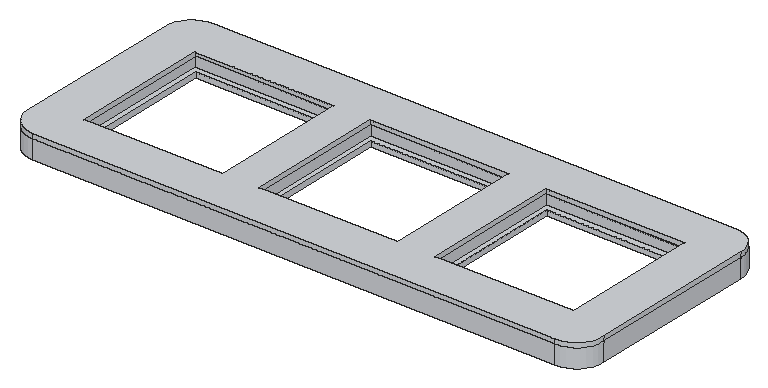
Revit family "Gira_0213427", category Electrical Fixtures, host Face, Revit 2017
Family settings
  Host = Face
  Maintain Annotation Orientation = No
  Round Connector Dimension = Use Diameter
  Part Type = Normal
  Cut with Voids When Loaded = No
  Shared = No
  Room Calculation Point = No
Parameters (values of type "Abdeckrahmen 3f Gira E3 Sand/Anthrazit")
  Werkstoffgüte = "sonstige"
  Werkstoff = "sonstige"
  URL = "http://katalog.gira.de/de_DE/datenblatt.html?artikelnr=0213427"
  Transparent = "No"
  Textfeld/Beschriftungsfläche = "No"
  Schutzart (IP) = "IP20"
  Region = "DE"
  Oberfläche = "sonstige"
  Name = "Abdeckrahmen 3f Gira E3 Sand/Anthrazit"
  Montagerichtung = "horizontal und vertikal"
  Mit Montagerahmen = "No"
  Mit Klappdeckel = "No"
  Manufacturer URL = "https://www.gira.de/"
  Keynote = "E3_Rahmen_3fach"
  HeinzeBIM = "https://bimportal.heinze.de/bim/abdeckrahmen-3f-gira-e3-sand-anthrazit/f758a62bc16b71d3eaad61acdec41bb8f9858acb"
  Halogenfrei = "No"
  HAN = "0213427"
  Geeignet für Unterputz-Installation = "Yes"
  Geeignet für Unterflurkanaldose = "No"
  Geeignet für Geräteeinbaukanal = "No"
  Geeignet für Einbauinstallation = "No"
  GTIN = "4010337024590"
  Farbe = "sonstige"
  Default Elevation = 1219.2 mm
  Data sheet (1) = "https://katalog.gira.de/de_DE/download.html?artikelnr=0213427"
  Category = "Abdeckrahmen"
  Befestigungsart = "Klemmbefestigung"
  Available = "Yes"
  Anzahl der Einheiten vertikal = "3 "
  Anzahl der Einheiten horizontal = "3 "
  Anzahl der Einheiten = "3 "
Reference planes
  plane 1 "Center (Front/Back)": y = 0
  plane 2: z = 0
  plane 3 "Center (Left/Right)": x = 0
Forms (mm)
  Extrusion 1, solid, detail levels fine
    sketch origin (0, 0, 0) x (1, 0, 0) y (0, 1, 0)
      loop
        arc (-106.1, 45.809) -> (-113.884, 42.585) -> (-117.109, 34.8) r 11.009
        line (-117.109, 34.8) -> (-117.109, -34.8)
        arc (-117.109, -34.8) -> (-113.884, -42.585) -> (-106.1, -45.809) r 11.009
        line (-106.1, -45.809) -> (106.1, -45.809)
        arc (106.1, -45.809) -> (113.884, -42.585) -> (117.109, -34.8) r 11.009
        line (117.109, -34.8) -> (117.109, 34.8)
        arc (117.109, 34.8) -> (113.884, 42.585) -> (106.1, 45.809) r 11.009
        line (106.1, 45.809) -> (-106.1, 45.809)
      loop
        line (-43.2, 28.187) -> (-99.456, 28.187) -> (-99.456, -28.187) -> (-43.2, -28.187) -> (-43.2, 28.187)
      loop
        line (-28.3, 28.187) -> (-28.3, -28.187) -> (27.956, -28.187) -> (27.956, 28.187) -> (-28.3, 28.187)
      loop
        line (43.2, 28.187) -> (43.2, -28.187) -> (99.456, -28.187) -> (99.456, 28.187) -> (43.2, 28.187)
    from 7.65 to 9.5
  Extrusion 2, solid, detail levels fine
    sketch origin (-71.5, 0, 0) x (1, 0, 0) y (0, 1, 0)
      loop
        line (26.1, 25.7) -> (-25.7, 25.7) -> (-25.7, -25.7) -> (26.1, -25.7) -> (26.1, 25.7)
      loop
        line (-28.187, -28.156) -> (28.187, -28.156) -> (28.187, 28.156) -> (-28.187, 28.156) -> (-28.187, -28.156)
    from 1.65 to 3.9
  Extrusion 3, solid, detail levels fine
    sketch origin (0, 0, 0) x (1, 0, 0) y (0, 1, 0)
      loop
        arc (-106.1, 45.809) -> (-113.884, 42.585) -> (-117.109, 34.8) r 11.009
        line (-117.109, 34.8) -> (-117.109, -34.8)
        arc (-117.109, -34.8) -> (-113.884, -42.585) -> (-106.1, -45.809) r 11.009
        line (-106.1, -45.809) -> (106.1, -45.809)
        arc (106.1, -45.809) -> (113.884, -42.585) -> (117.109, -34.8) r 11.009
        line (117.109, -34.8) -> (117.109, 34.8)
        arc (117.109, 34.8) -> (113.884, 42.585) -> (106.1, 45.809) r 11.009
        line (106.1, 45.809) -> (-106.1, 45.809)
      loop
        line (-115.143, 34.785) -> (-115.143, -34.785)
        arc (-115.143, -34.785) -> (-112.49, -41.19) -> (-106.084, -43.843) r 9.058
        line (-106.084, -43.843) -> (106.084, -43.843)
        arc (106.084, -43.843) -> (112.49, -41.19) -> (115.143, -34.785) r 9.058
        line (115.143, -34.785) -> (115.143, 34.785)
        arc (115.143, 34.785) -> (112.49, 41.19) -> (106.084, 43.843) r 9.058
        line (106.084, 43.843) -> (-106.084, 43.843)
        arc (-106.084, 43.843) -> (-112.49, 41.19) -> (-115.143, 34.785) r 9.058
    from 0 to 7.65
  Extrusion 4, solid, detail levels fine
    sketch origin (-35.75, 0, 0) x (1, 0, 0) y (0, 1, 0)
      loop
        line (-62.956, -31.075) -> (62.956, -31.075)
        arc (62.956, -31.075) -> (65.599, -29.98) -> (66.694, -27.337) r 3.739
        line (66.694, -27.337) -> (66.694, 27.337)
        arc (66.694, 27.337) -> (65.599, 29.98) -> (62.956, 31.075) r 3.739
        line (62.956, 31.075) -> (-62.956, 31.075)
        arc (-62.956, 31.075) -> (-65.599, 29.98) -> (-66.694, 27.337) r 3.739
        line (-66.694, 27.337) -> (-66.694, -27.337)
        arc (-66.694, -27.337) -> (-65.599, -29.98) -> (-62.956, -31.075) r 3.739
      loop
        line (-65.544, 27.537) -> (-65.544, -27.537)
        arc (-65.544, -27.537) -> (-64.845, -29.226) -> (-63.156, -29.925) r 2.389
        line (-63.156, -29.925) -> (63.156, -29.925)
        arc (63.156, -29.925) -> (64.845, -29.226) -> (65.544, -27.537) r 2.389
        line (65.544, -27.537) -> (65.544, 27.537)
        arc (65.544, 27.537) -> (64.845, 29.226) -> (63.156, 29.925) r 2.389
        line (63.156, 29.925) -> (-63.156, 29.925)
        arc (-63.156, 29.925) -> (-64.845, 29.226) -> (-65.544, 27.537) r 2.389
    from 1.65 to 7.65
  Extrusion 5, solid, detail levels fine
    sketch origin (0, 0, 0) x (1, 0, 0) y (0, 1, 0)
      loop
        line (-103.367, -39.8) -> (103.368, -39.8)
        arc (103.368, -39.8) -> (108.982, -36.708) -> (111.215, -30.7) r 9.2
        line (111.215, -30.7) -> (111.215, 30.7)
        arc (111.215, 30.7) -> (108.52, 37.205) -> (102.015, 39.9) r 9.2
        line (102.015, 39.9) -> (-102.014, 39.9)
        arc (-102.014, 39.9) -> (-108.52, 37.205) -> (-111.214, 30.7) r 9.2
        line (-111.214, 30.7) -> (-111.214, -30.7)
        arc (-111.214, -30.7) -> (-108.982, -36.708) -> (-103.367, -39.8) r 9.2
      loop
        line (-102.014, -31.7) -> (102.015, -31.7)
        arc (102.015, -31.7) -> (102.722, -31.407) -> (103.015, -30.7) r 1
        line (103.015, -30.7) -> (103.015, 30.7)
        arc (103.015, 30.7) -> (102.722, 31.407) -> (102.015, 31.7) r 1
        line (102.015, 31.7) -> (-102.014, 31.7)
        arc (-102.014, 31.7) -> (-102.721, 31.407) -> (-103.014, 30.7) r 1
        line (-103.014, 30.7) -> (-103.014, -30.7)
        arc (-103.014, -30.7) -> (-102.721, -31.407) -> (-102.014, -31.7) r 1
    from 1.65 to 3.9
  Extrusion 6, solid, detail levels fine
    sketch origin (-71.5, 0, 0) x (1, 0, 0) y (0, 1, 0)
      loop
        line (-28.187, 28.156) -> (-28.187, -28.156) -> (28.187, -28.156) -> (28.187, 28.156) -> (-28.187, 28.156)
      loop
        line (-29.925, 29.925) -> (-29.925, -29.925) -> (29.925, -29.925) -> (29.925, 29.925) -> (-29.925, 29.925)
    from 1.65 to 7.65
  Extrusion 7, solid, detail levels coarse+medium
    sketch origin (0, 0, 0) x (1, 0, 0) y (0, 1, 0)
      loop
        line (-117.109, 45.809) -> (-117.109, -45.809) -> (117.109, -45.809) -> (117.109, 45.809) -> (-117.109, 45.809)
    from 0 to 9.5
  Extrusion 8, solid, detail levels fine
    sketch origin (0, 0, 0) x (-1, 0, 0) y (0, -1, 0)
      loop
        line (25.9, -25.7) -> (25.9, 25.7) -> (-25.9, 25.7) -> (-25.9, -25.7) -> (25.9, -25.7)
      loop
        line (-28.187, 28.156) -> (-28.187, -28.156) -> (28.187, -28.156) -> (28.187, 28.156) -> (-28.187, 28.156)
    from 1.65 to 3.9
  Extrusion 9, solid, detail levels fine
    sketch origin (0, 0, 0) x (-1, 0, 0) y (0, -1, 0)
      loop
        line (-28.187, -28.156) -> (28.187, -28.156) -> (28.187, 28.156) -> (-28.187, 28.156) -> (-28.187, -28.156)
      loop
        line (-29.925, -29.925) -> (29.925, -29.925) -> (29.925, 29.925) -> (-29.925, 29.925) -> (-29.925, -29.925)
    from 1.65 to 7.65
  Extrusion 10, solid, detail levels fine
    sketch origin (71.5, 0, 0) x (-1, 0, 0) y (0, -1, 0)
      loop
        line (26.1, -25.7) -> (26.1, 25.7) -> (-25.7, 25.7) -> (-25.7, -25.7) -> (26.1, -25.7)
      loop
        line (-28.187, 28.156) -> (-28.187, -28.156) -> (28.187, -28.156) -> (28.187, 28.156) -> (-28.187, 28.156)
    from 1.65 to 3.9
  Extrusion 11, solid, detail levels fine
    sketch origin (71.5, 0, 0) x (-1, 0, 0) y (0, -1, 0)
      loop
        line (-28.187, -28.156) -> (28.187, -28.156) -> (28.187, 28.156) -> (-28.187, 28.156) -> (-28.187, -28.156)
      loop
        line (-29.925, -29.925) -> (29.925, -29.925) -> (29.925, 29.925) -> (-29.925, 29.925) -> (-29.925, -29.925)
    from 1.65 to 7.65
Dimensions and locks
  aligned and locked: plane 2 to host face
  aligned and locked: level to host face
